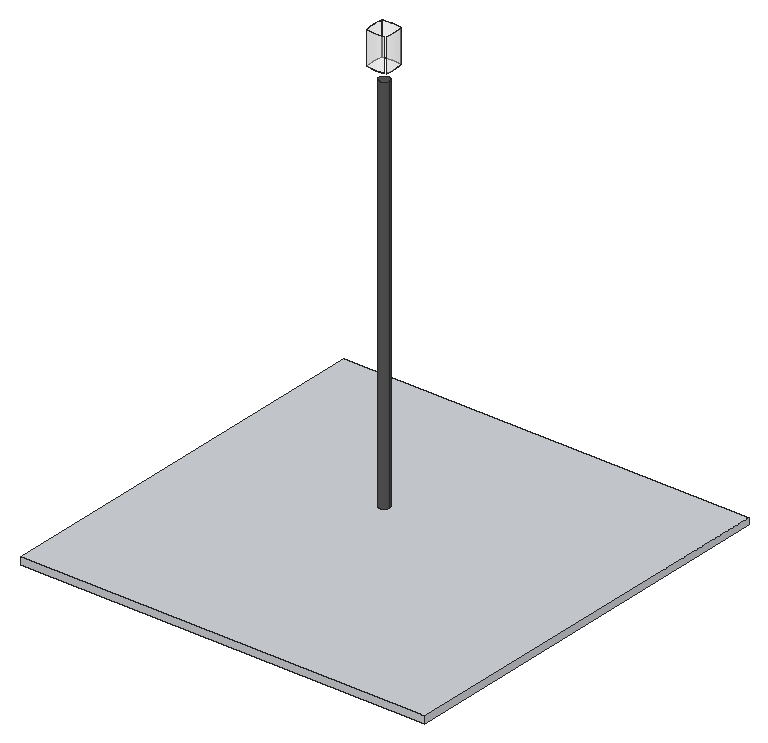
Revit family "SH-1720", category Lighting Fixtures, host Face, Revit 2017
Family settings
  Host = Face
  Round Connector Dimension = Use Diameter
  Part Type = Normal
  Cut with Voids When Loaded = No
  Light Source = Yes
  Shared = No
  Room Calculation Point = No
Parameters (values of type "SH-1720(Black color-3000K-E27)")
  website = "www.shoaco.com"
  instalation = "Surface mounted"
  consumption current = 0.06 A
  color temperature = "3000K"
  color rendering index(CRI) = ""
  height = 255.0159 cm
  Width = 18.45 cm
  Wattage. = 9 W
  Wattage Comments = ""
  Wattage = 9 W
  Voltage/Frequency = "230v/50hz"
  built-in parameter 1150110 = 1 (stored number, unit not read)
  URL = "https://www.shoaco.com/fa/product/%DA%86%D8%B1%D8%A7%D8%BA-%D9%87%D8%A7%DB%8C-%D8%AD%DB%8C%D8%A7%D8%B7%DB%8C/1122-%DA%86%D8%B1%D8%A7%D8%BA-%D8%AD%DB%8C%D8%A7%D8%B7%DB%8C--%D9%85%D8%AF%D9%84-SH-1720.html"
  Type medule = ""
  built-in parameter 1114217 = 1 (stored number, unit not read)
  Tilt Angle = 90.00°
  built-in parameter 1150109 = 1 (stored number, unit not read)
  built-in parameter 1150134 = (empty or 0)
  built-in parameter 1150113 = 1 (stored number, unit not read)
  Protection Class = "Class I"
  Photometric Web File = "4376_V-TAC7WLEDBulbE27A60Thermoplastic3000K_1-5117.ies"
  Number of lamps = "1"
  Model = "SH-1720"
  Manufacturer = "SHOA"
  built-in parameter 1150105 = 50.134 (stored number, unit not read)
  Lumens = 630 lm
  built-in parameter 1150115 = 1 (stored number, unit not read)
  built-in parameter 1150137 = (empty or 0)
  built-in parameter 1150139 = (empty or 0)
  built-in parameter 1150112 = 1 (stored number, unit not read)
  built-in parameter 1150114 = 1 (stored number, unit not read)
  Lamp = "E27"
  built-in parameter 1150132 = (empty or 0)
  built-in parameter 1150102 = (empty or 0)
  built-in parameter 1150107 = 3000 (stored number, unit not read)
  built-in parameter 1150138 = (empty or 0)
  built-in parameter 1150106 = 0.50134 (stored number, unit not read)
  IP = "IP44"
  Height offset [instance] = 230 cm
  Flicker = ""
  Emit from Circle Diameter = 60.96 cm
  Emit Shape Visible in Rendering = no
  built-in parameter 1150104 = 6.5032 (stored number, unit not read)
  Dimming Lamp Color Temperature Shift = <None>
  Diffuser Material = "Acrylic"
  Diffuser [instance] = Diffuser
  Default Elevation = 121.92 cm
  Color Filter = 16777215
  Body color = Black Body
  Body Material = "Aluminum"
  built-in parameter 1114218 = 1 (stored number, unit not read)
  built-in parameter 1150133 = 10 (stored number, unit not read)
Reference planes (cm)
  plane 1 "Center (Front/Back)": y = 0
  plane 2: z = 0.918
  plane 3 "Center (Left/Right)": x = 0
  plane 4: z = 18.0808
  plane 5: z = 248.0808
  plane 6: z = 279.0968
  plane 7: z = 272.6708
Forms (cm)
  Extrusion 1, solid
    sketch origin (0, 0, 0.918) x (1, 0, 0) y (0, 1, 0)
      loop
        line (-121.92, 121.92) -> (-121.92, -121.92) -> (121.92, -121.92) -> (121.92, 121.92) -> (-121.92, 121.92)
    from 0 to -4.1998
  Extrusion 2, solid, material "Black Body" <- "Body color"
    sketch origin (0, 0, 0.918) x (1, 0, 0) y (0, 1, 0)
      loop
        circle (0, 0) r 3.1806
    from 17.1628 to 247.1628
  Extrusion 3, solid, material "Diffuser" <- "Diffuser"
    sketch origin (0, 0, 255.4508) x (1, 0, 0) y (0, 1, 0)
      loop
        line (-5.6606, 6.0308) -> (-5.6453, 5.932)
        spline (-5.6453, 5.932) -> (-3.931, 6.1719) -> (-2.7457, 6.2926) -> (-1.8654, 6.3474) -> (-1.0895, 6.383) -> (-0.3579, 6.4083) -> (0.3416, 6.4186) -> (1.027, 6.4087) -> (1.7525, 6.3722) -> (2.588, 6.3015) -> (3.5906, 6.1904) -> (4.6457, 6.0531) -> (5.4298, 5.9291)
        line (5.4298, 5.9291) -> (5.4487, 6.0273)
        spline (5.4487, 6.0273) -> (4.6594, 6.1522) -> (3.6035, 6.2895) -> (2.5969, 6.4011) -> (1.7595, 6.472) -> (1.0302, 6.5087) -> (0.3414, 6.5186) -> (-0.3606, 6.5083) -> (-1.0936, 6.4829) -> (-1.8703, 6.4473) -> (-2.7537, 6.3923) -> (-3.9431, 6.2711) -> (-5.6606, 6.0308)
      loop
        line (5.8688, 5.555) -> (5.7699, 5.5402)
        spline (5.7699, 5.5402) -> (5.9865, 3.9747) -> (6.1162, 2.8019) -> (6.184, 1.908) -> (6.2151, 1.1773) -> (6.2305, 0.5082) -> (6.2344, -0.1475) -> (6.2241, -0.8189) -> (6.1985, -1.536) -> (6.1525, -2.3307) -> (6.0757, -3.2374) -> (5.9532, -4.2941) -> (5.7701, -5.5391)
        line (5.7701, -5.5391) -> (5.8688, -5.555)
        spline (5.8688, -5.555) -> (6.0524, -4.3071) -> (6.1753, -3.2472) -> (6.2523, -2.3377) -> (6.298, -1.541) -> (6.3243, -0.8214) -> (6.3344, -0.1479) -> (6.3306, 0.5094) -> (6.3149, 1.1807) -> (6.2838, 1.9137) -> (6.2157, 2.8112) -> (6.0857, 3.9871) -> (5.8688, 5.555)
      loop
        line (4.9901, -6.1155) -> (4.9745, -6.0167)
        spline (4.9745, -6.0167) -> (3.9504, -6.1684) -> (3.1307, -6.268) -> (2.4556, -6.3272) -> (1.8646, -6.3572) -> (1.2968, -6.3699) -> (0.6936, -6.3756) -> (0.0144, -6.3732) -> (-0.7733, -6.3541) -> (-1.7013, -6.3085) -> (-2.8015, -6.2271) -> (-4.1058, -6.1007) -> (-5.6458, -5.9199)
        line (-5.6458, -5.9199) -> (-5.6583, -6.0191)
        spline (-5.6583, -6.0191) -> (-4.1164, -6.2001) -> (-2.81, -6.3267) -> (-1.7074, -6.4082) -> (-0.7769, -6.454) -> (0.013, -6.4733) -> (0.6941, -6.4756) -> (1.2981, -6.4699) -> (1.868, -6.4572) -> (2.4625, -6.4269) -> (3.1411, -6.3675) -> (3.9638, -6.2675) -> (4.9901, -6.1155)
      loop
        spline (-6.08, 5.555) -> (-6.2602, 4.1827) -> (-6.3911, 3.0498) -> (-6.4799, 2.1055) -> (-6.5338, 1.2993) -> (-6.5599, 0.5802) -> (-6.5653, -0.1023) -> (-6.5561, -0.7974) -> (-6.5289, -1.54) -> (-6.4761, -2.3587) -> (-6.3902, -3.282) -> (-6.2633, -4.3384) -> (-6.0878, -5.5565)
        line (-6.0878, -5.5565) -> (-5.989, -5.5412)
        spline (-5.989, -5.5412) -> (-6.1641, -4.3253) -> (-6.2907, -3.2714) -> (-6.3764, -2.3508) -> (-6.429, -1.535) -> (-6.4564, -0.7952) -> (-6.4653, -0.102) -> (-6.4597, 0.5783) -> (-6.434, 1.2941) -> (-6.3803, 2.0975) -> (-6.2917, 3.0393) -> (-6.1609, 4.1704) -> (-5.9809, 5.5414)
        line (-5.9809, 5.5414) -> (-6.08, 5.555)
    from 0 to 20.1
  Extrusion 4, solid, material "Diffuser" <- "Diffuser", not visible
    sketch origin (0, 0, 325.4508) x (1, 0, 0) y (0, 1, 0)
      loop
        line (-5.6606, 6.0308) -> (-5.6453, 5.932)
        spline (-5.6453, 5.932) -> (-3.931, 6.1719) -> (-2.7457, 6.2926) -> (-1.8654, 6.3474) -> (-1.0895, 6.383) -> (-0.3579, 6.4083) -> (0.3416, 6.4186) -> (1.027, 6.4087) -> (1.7525, 6.3722) -> (2.588, 6.3015) -> (3.5906, 6.1904) -> (4.6457, 6.0531) -> (5.4298, 5.9291)
        line (5.4298, 5.9291) -> (5.4487, 6.0273)
        spline (5.4487, 6.0273) -> (4.6594, 6.1522) -> (3.6035, 6.2895) -> (2.5969, 6.4011) -> (1.7595, 6.472) -> (1.0302, 6.5087) -> (0.3414, 6.5186) -> (-0.3606, 6.5083) -> (-1.0936, 6.4829) -> (-1.8703, 6.4473) -> (-2.7537, 6.3923) -> (-3.9431, 6.2711) -> (-5.6606, 6.0308)
      loop
        line (5.8688, 5.555) -> (5.7699, 5.5402)
        spline (5.7699, 5.5402) -> (5.9865, 3.9747) -> (6.1162, 2.8019) -> (6.184, 1.908) -> (6.2151, 1.1773) -> (6.2305, 0.5082) -> (6.2344, -0.1475) -> (6.2241, -0.8189) -> (6.1985, -1.536) -> (6.1525, -2.3307) -> (6.0757, -3.2374) -> (5.9532, -4.2941) -> (5.7701, -5.5391)
        line (5.7701, -5.5391) -> (5.8688, -5.555)
        spline (5.8688, -5.555) -> (6.0524, -4.3071) -> (6.1753, -3.2472) -> (6.2523, -2.3377) -> (6.298, -1.541) -> (6.3243, -0.8214) -> (6.3344, -0.1479) -> (6.3306, 0.5094) -> (6.3149, 1.1807) -> (6.2838, 1.9137) -> (6.2157, 2.8112) -> (6.0857, 3.9871) -> (5.8688, 5.555)
      loop
        line (4.9901, -6.1155) -> (4.9745, -6.0167)
        spline (4.9745, -6.0167) -> (3.9504, -6.1684) -> (3.1307, -6.268) -> (2.4556, -6.3272) -> (1.8646, -6.3572) -> (1.2968, -6.3699) -> (0.6936, -6.3756) -> (0.0144, -6.3732) -> (-0.7733, -6.3541) -> (-1.7013, -6.3085) -> (-2.8015, -6.2271) -> (-4.1058, -6.1007) -> (-5.6458, -5.9199)
        line (-5.6458, -5.9199) -> (-5.6583, -6.0191)
        spline (-5.6583, -6.0191) -> (-4.1164, -6.2001) -> (-2.81, -6.3267) -> (-1.7074, -6.4082) -> (-0.7769, -6.454) -> (0.013, -6.4733) -> (0.6941, -6.4756) -> (1.2981, -6.4699) -> (1.868, -6.4572) -> (2.4625, -6.4269) -> (3.1411, -6.3675) -> (3.9638, -6.2675) -> (4.9901, -6.1155)
      loop
        spline (-6.08, 5.555) -> (-6.2602, 4.1827) -> (-6.3911, 3.0498) -> (-6.4799, 2.1055) -> (-6.5338, 1.2993) -> (-6.5599, 0.5802) -> (-6.5653, -0.1023) -> (-6.5561, -0.7974) -> (-6.5289, -1.54) -> (-6.4761, -2.3587) -> (-6.3902, -3.282) -> (-6.2633, -4.3384) -> (-6.0878, -5.5565)
        line (-6.0878, -5.5565) -> (-5.989, -5.5412)
        spline (-5.989, -5.5412) -> (-6.1641, -4.3253) -> (-6.2907, -3.2714) -> (-6.3764, -2.3508) -> (-6.429, -1.535) -> (-6.4564, -0.7952) -> (-6.4653, -0.102) -> (-6.4597, 0.5783) -> (-6.434, 1.2941) -> (-6.3803, 2.0975) -> (-6.2917, 3.0393) -> (-6.1609, 4.1704) -> (-5.9809, 5.5414)
        line (-5.9809, 5.5414) -> (-6.08, 5.555)
    from 0 to 20.1
  Extrusion 5, solid, material "Diffuser" <- "Diffuser", not visible
    sketch origin (0, 0, 265.4508) x (1, 0, 0) y (0, 1, 0)
      loop
        line (-5.6606, 6.0308) -> (-5.6453, 5.932)
        spline (-5.6453, 5.932) -> (-3.931, 6.1719) -> (-2.7457, 6.2926) -> (-1.8654, 6.3474) -> (-1.0895, 6.383) -> (-0.3579, 6.4083) -> (0.3416, 6.4186) -> (1.027, 6.4087) -> (1.7525, 6.3722) -> (2.588, 6.3015) -> (3.5906, 6.1904) -> (4.6457, 6.0531) -> (5.4298, 5.9291)
        line (5.4298, 5.9291) -> (5.4487, 6.0273)
        spline (5.4487, 6.0273) -> (4.6594, 6.1522) -> (3.6035, 6.2895) -> (2.5969, 6.4011) -> (1.7595, 6.472) -> (1.0302, 6.5087) -> (0.3414, 6.5186) -> (-0.3606, 6.5083) -> (-1.0936, 6.4829) -> (-1.8703, 6.4473) -> (-2.7537, 6.3923) -> (-3.9431, 6.2711) -> (-5.6606, 6.0308)
      loop
        line (5.8688, 5.555) -> (5.7699, 5.5402)
        spline (5.7699, 5.5402) -> (5.9865, 3.9747) -> (6.1162, 2.8019) -> (6.184, 1.908) -> (6.2151, 1.1773) -> (6.2305, 0.5082) -> (6.2344, -0.1475) -> (6.2241, -0.8189) -> (6.1985, -1.536) -> (6.1525, -2.3307) -> (6.0757, -3.2374) -> (5.9532, -4.2941) -> (5.7701, -5.5391)
        line (5.7701, -5.5391) -> (5.8688, -5.555)
        spline (5.8688, -5.555) -> (6.0524, -4.3071) -> (6.1753, -3.2472) -> (6.2523, -2.3377) -> (6.298, -1.541) -> (6.3243, -0.8214) -> (6.3344, -0.1479) -> (6.3306, 0.5094) -> (6.3149, 1.1807) -> (6.2838, 1.9137) -> (6.2157, 2.8112) -> (6.0857, 3.9871) -> (5.8688, 5.555)
      loop
        line (4.9901, -6.1155) -> (4.9745, -6.0167)
        spline (4.9745, -6.0167) -> (3.9504, -6.1684) -> (3.1307, -6.268) -> (2.4556, -6.3272) -> (1.8646, -6.3572) -> (1.2968, -6.3699) -> (0.6936, -6.3756) -> (0.0144, -6.3732) -> (-0.7733, -6.3541) -> (-1.7013, -6.3085) -> (-2.8015, -6.2271) -> (-4.1058, -6.1007) -> (-5.6458, -5.9199)
        line (-5.6458, -5.9199) -> (-5.6583, -6.0191)
        spline (-5.6583, -6.0191) -> (-4.1164, -6.2001) -> (-2.81, -6.3267) -> (-1.7074, -6.4082) -> (-0.7769, -6.454) -> (0.013, -6.4733) -> (0.6941, -6.4756) -> (1.2981, -6.4699) -> (1.868, -6.4572) -> (2.4625, -6.4269) -> (3.1411, -6.3675) -> (3.9638, -6.2675) -> (4.9901, -6.1155)
      loop
        spline (-6.08, 5.555) -> (-6.2602, 4.1827) -> (-6.3911, 3.0498) -> (-6.4799, 2.1055) -> (-6.5338, 1.2993) -> (-6.5599, 0.5802) -> (-6.5653, -0.1023) -> (-6.5561, -0.7974) -> (-6.5289, -1.54) -> (-6.4761, -2.3587) -> (-6.3902, -3.282) -> (-6.2633, -4.3384) -> (-6.0878, -5.5565)
        line (-6.0878, -5.5565) -> (-5.989, -5.5412)
        spline (-5.989, -5.5412) -> (-6.1641, -4.3253) -> (-6.2907, -3.2714) -> (-6.3764, -2.3508) -> (-6.429, -1.535) -> (-6.4564, -0.7952) -> (-6.4653, -0.102) -> (-6.4597, 0.5783) -> (-6.434, 1.2941) -> (-6.3803, 2.0975) -> (-6.2917, 3.0393) -> (-6.1609, 4.1704) -> (-5.9809, 5.5414)
        line (-5.9809, 5.5414) -> (-6.08, 5.555)
    from 0 to 20.1
Dimensions and locks (cm)
  "Height offset": plane 5 to plane 4
  locked: plane 6 to plane 5 at 31.016
  locked: plane 7 to plane 5 at 24.59
  aligned and locked: plane 2 to Extrusion 1
  aligned and locked: level to Extrusion 1
  aligned and locked: level to free form element
  aligned and locked: plane 4 to Extrusion 2
  aligned and locked: plane 6 to free form element
  aligned and locked: free form element to Extrusion 2
  aligned and locked: free form element to Extrusion 3
  aligned and locked: plane 7 to imposter light
Automatic sketch dimensions
  Extrusion 1 sketch curve to Extrusion 1 sketch curve = 243.84 cm  (x2)
  plane 1 "Center (Front/Back)" to Extrusion 2 sketch curve = 0 cm
  Extrusion 2 sketch curve to plane 3 "Center (Left/Right)" = 0 cm
  Extrusion 3 sketch curve to Extrusion 3 sketch curve = 0.0988 cm  (x3)
  Extrusion 3 sketch curve to Extrusion 3 sketch curve = 0.0991 cm
  Extrusion 3 sketch curve to Extrusion 3 sketch curve = 0.3203 cm
  Extrusion 3 sketch curve to Extrusion 3 sketch curve = 0.3307 cm
  Extrusion 3 sketch curve to Extrusion 3 sketch curve = 0.0126 cm
  Extrusion 3 sketch curve to Extrusion 3 sketch curve = 0.0153 cm  (x2)
  Extrusion 3 sketch curve to Extrusion 3 sketch curve = 0.0156 cm
  Extrusion 3 sketch curve to Extrusion 3 sketch curve = 0.0189 cm
  Extrusion 3 sketch curve to Extrusion 3 sketch curve = 0.3401 cm
  Extrusion 3 sketch curve to Extrusion 3 sketch curve = 0.7956 cm
  Extrusion 3 sketch curve to Extrusion 3 sketch curve = 0.0987 cm
  Extrusion 3 sketch curve to Extrusion 3 sketch curve = 0.0992 cm
  Extrusion 3 sketch curve to Extrusion 3 sketch curve = 0.3634 cm
  Extrusion 3 sketch curve to Extrusion 3 sketch curve = 0.4617 cm
  Extrusion 3 sketch curve to Extrusion 3 sketch curve = 0.0159 cm
  Extrusion 3 sketch curve to Extrusion 3 sketch curve = 0.0136 cm
  Extrusion 3 sketch curve to Extrusion 3 sketch curve = 0.0148 cm
  Extrusion 3 sketch curve to Extrusion 3 sketch curve = 0.3889 cm
  Extrusion 3 sketch curve to Extrusion 3 sketch curve = 0.3906 cm
  Extrusion 3 sketch curve to Extrusion 3 sketch curve = 0.0982 cm
  Extrusion 3 sketch curve to Extrusion 3 sketch curve = 0.091 cm
  Extrusion 3 sketch curve to Extrusion 3 sketch curve = 10.6203 cm
  Extrusion 3 sketch curve to Extrusion 3 sketch curve = 0.439 cm
  Extrusion 3 sketch curve to Extrusion 3 sketch curve = 0.0024 cm
  Extrusion 3 sketch curve to Extrusion 3 sketch curve = 11.0793 cm
  Extrusion 3 sketch curve to Extrusion 3 sketch curve = 11.0826 cm
  Extrusion 4 sketch curve to Extrusion 4 sketch curve = 0.0988 cm  (x3)
  Extrusion 4 sketch curve to Extrusion 4 sketch curve = 0.0991 cm
  Extrusion 4 sketch curve to Extrusion 4 sketch curve = 0.3203 cm
  Extrusion 4 sketch curve to Extrusion 4 sketch curve = 0.3307 cm
  Extrusion 4 sketch curve to Extrusion 4 sketch curve = 0.0126 cm
  Extrusion 4 sketch curve to Extrusion 4 sketch curve = 0.0153 cm  (x2)
  Extrusion 4 sketch curve to Extrusion 4 sketch curve = 0.0156 cm
  Extrusion 4 sketch curve to Extrusion 4 sketch curve = 0.0189 cm
  Extrusion 4 sketch curve to Extrusion 4 sketch curve = 0.3401 cm
  Extrusion 4 sketch curve to Extrusion 4 sketch curve = 0.7956 cm
  Extrusion 4 sketch curve to Extrusion 4 sketch curve = 0.0987 cm
  Extrusion 4 sketch curve to Extrusion 4 sketch curve = 0.0992 cm
  Extrusion 4 sketch curve to Extrusion 4 sketch curve = 0.3634 cm
  Extrusion 4 sketch curve to Extrusion 4 sketch curve = 0.4617 cm
  Extrusion 4 sketch curve to Extrusion 4 sketch curve = 0.0159 cm
  Extrusion 4 sketch curve to Extrusion 4 sketch curve = 0.0136 cm
  Extrusion 4 sketch curve to Extrusion 4 sketch curve = 0.0148 cm
  Extrusion 4 sketch curve to Extrusion 4 sketch curve = 0.3889 cm
  Extrusion 4 sketch curve to Extrusion 4 sketch curve = 0.3906 cm
  Extrusion 4 sketch curve to Extrusion 4 sketch curve = 0.0982 cm
  Extrusion 4 sketch curve to Extrusion 4 sketch curve = 0.091 cm
  Extrusion 4 sketch curve to Extrusion 4 sketch curve = 10.6203 cm
  Extrusion 4 sketch curve to Extrusion 4 sketch curve = 0.439 cm
  Extrusion 4 sketch curve to Extrusion 4 sketch curve = 0.0024 cm
  Extrusion 4 sketch curve to Extrusion 4 sketch curve = 11.0793 cm
  Extrusion 4 sketch curve to Extrusion 4 sketch curve = 11.0826 cm
  Extrusion 5 sketch curve to Extrusion 5 sketch curve = 0.0988 cm  (x3)
  Extrusion 5 sketch curve to Extrusion 5 sketch curve = 0.0991 cm
  Extrusion 5 sketch curve to Extrusion 5 sketch curve = 0.3203 cm
  Extrusion 5 sketch curve to Extrusion 5 sketch curve = 0.3307 cm
  Extrusion 5 sketch curve to Extrusion 5 sketch curve = 0.0126 cm
  Extrusion 5 sketch curve to Extrusion 5 sketch curve = 0.0153 cm  (x2)
  Extrusion 5 sketch curve to Extrusion 5 sketch curve = 0.0156 cm
  Extrusion 5 sketch curve to Extrusion 5 sketch curve = 0.0189 cm
  Extrusion 5 sketch curve to Extrusion 5 sketch curve = 0.3401 cm
  Extrusion 5 sketch curve to Extrusion 5 sketch curve = 0.7956 cm
  Extrusion 5 sketch curve to Extrusion 5 sketch curve = 0.0987 cm
  Extrusion 5 sketch curve to Extrusion 5 sketch curve = 0.0992 cm
  Extrusion 5 sketch curve to Extrusion 5 sketch curve = 0.3634 cm
  Extrusion 5 sketch curve to Extrusion 5 sketch curve = 0.4617 cm
  Extrusion 5 sketch curve to Extrusion 5 sketch curve = 0.0159 cm
  Extrusion 5 sketch curve to Extrusion 5 sketch curve = 0.0136 cm
  Extrusion 5 sketch curve to Extrusion 5 sketch curve = 0.0148 cm
  Extrusion 5 sketch curve to Extrusion 5 sketch curve = 0.3889 cm
  Extrusion 5 sketch curve to Extrusion 5 sketch curve = 0.3906 cm
  Extrusion 5 sketch curve to Extrusion 5 sketch curve = 0.0982 cm
  Extrusion 5 sketch curve to Extrusion 5 sketch curve = 0.091 cm
  Extrusion 5 sketch curve to Extrusion 5 sketch curve = 10.6203 cm
  Extrusion 5 sketch curve to Extrusion 5 sketch curve = 0.439 cm
  Extrusion 5 sketch curve to Extrusion 5 sketch curve = 0.0024 cm
  Extrusion 5 sketch curve to Extrusion 5 sketch curve = 11.0793 cm
  Extrusion 5 sketch curve to Extrusion 5 sketch curve = 11.0826 cm
  radius of Extrusion 2 sketch curve = 3.1806 cm
Connectors (cm)
  electrical at (-0.1056, 0, 248.0808)
    settings: on free form element, index 1, voltage 230 V, apparent load 0 VA, apparent load phase1 0 VA, apparent load phase2 0 VA, apparent load phase3 0 VA, power factor 1, load classification "Other", number of poles 1, system type 31, power factor state 1, is connector primary yes, connector utility no, sub classification motor no, connector description ""
